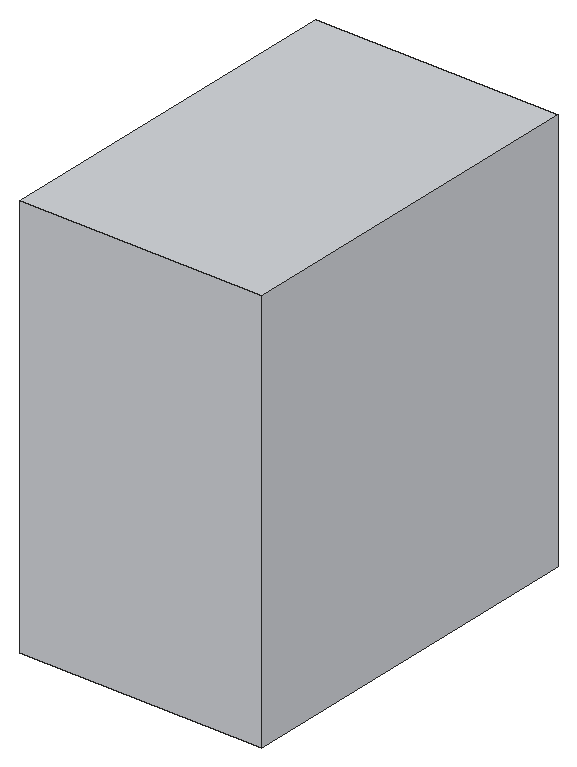
Revit family
Parameters
  Warranty Duration (Years) = 0
  Unit Width [instance] = 1' - 1"
  Unit Height [instance] = 4' - 7"
  Unit Depth = 0' - 0 1/2"
  URL = "http://www.americanspecialties.com/viewCategories.cfm"
  Trim Material = Metal - Stainless Steel
  Test Data = ""
  Specification = "http://www.arcat.com/sdspecs/htm/10810asi.htm"
  SpecWizard = ""
  Send Message = "http://www.arcat.com/users.pl?action=UserEmail&company=American%20Specialties,%20Inc.&coid=30448&rep=139&fax=914-476-0688&mf="
  Sales Information = "http://www.americanspecialties.com/contact"
  Revision = "R1_10-2010"
  Product Properties = "http://www.americanspecialties.com/datasheets/64676-2.pdf"
  Product Data = "http://www.arcat.com/arcatcos/cos30/arc30448.html"
  Model = "As Specified in 10 28 13"
  Manufacturer Website = "http://www.americanspecialties.com/viewCategories.cfm"
  Manufacturer Phone - Toll Free = ""
  Manufacturer Phone = "914-476-9000 "
  Manufacturer Fax = "914-476-0688"
  Manufacturer Address = "441 Saw Mill River Rd., Yonkers, NY 10701"
  Manufacturer = "American Specialties, Inc."
  Maintenance Schedule (Months) = 0
  Keynote = "10 28 13"
  Installation-Fabrication = "http://www.americanspecialties.com/products.cfm"
  Green Building-LEED = ""
  Expected Lifespan (Years) = 0
  Drawn By = "Robert S. Weygant. CSI, CDT, SCIP"  # constant formula
  Description = "Toilet Accessory as Specified in 10 28 13"
  Default Elevation = 4' - 0"
  Copyright = "©Arcat Inc."
  Construction Details = "http://www.arcat.com/green/clients/leed_data_30448.html"
  Building Codes = "http://www.americanspecialties.com/products.cfm"
  Body Material = Metal - Stainless Steel
  Assembly Code = "C1030210"
Reference planes (in)
  plane 1 "Center (Front/Back)": y = -0.29112
  plane 2 "Floor Line": z = 0
  plane 3 "Center (Left/Right)": x = -0.65843
Forms (in)
  Extrusion 1, solid
    sketch origin (-3, -9, -6) x (0, 0, -1) y (1, 0, 0)
      loop
        line (-82, 26) -> (-82, -19.34712) -> (-6, -19.34712) -> (-6, 26) -> (-82, 26)
    from 28.29112 to -41.06337
  Extrusion 2, solid, material "Metal - Stainless Steel" <- "Body Material"
    sketch origin (0, 0, 2) x (1, 0, 0) y (0, 1, 0)
      loop
        line (-6.15843, 26.20888) -> (-6.15843, -26.79112) -> (4.84157, -26.79112) -> (4.84157, 26.20888) -> (-6.15843, 26.20888)
    from 0 to -6
  Extrusion 3, solid, material "Metal - Stainless Steel" <- "Body Material"
    sketch origin (-0.90625, -0.29112, 2) x (1, 0, 0) y (0, 0, 1)
      loop
        line (-6.25218, 0) -> (6.74782, 0) -> (6.74782, 0.5) -> (-6.25218, 0.5) -> (-6.25218, 0)
    from -27.5 to 27.5
  Extrusion 4, void
    sketch origin (-0.65843, 6.5, 2) x (0, 1, 0) y (0, 0, 1)
      loop
        line (-0.26081, -5.75) -> (2.70888, 0) -> (2.70888, 0.9375) -> (-8.29112, 0.9375) -> (-8.29112, -0.03125) -> (-5.37727, -5.75) -> (-0.26081, -5.75)
    from -5.46875 to 5.46875
  Extrusion 5, void
    sketch origin (-34, 0.66502, 4.66501) x (1, 0, 0) y (0, 0.458881, 0.888498)
      loop
        arc (36.97904, -1.93126) -> (37.16013, -1.67833) -> (36.96657, -1.43482) r 0.2582
        line (36.96657, -1.43482) -> (36.21657, -1.43482)
        arc (36.21657, -1.43482) -> (33.34157, -0.76381) -> (30.46657, -1.43482) r 6.49463
        line (30.46657, -1.43482) -> (29.71657, -1.43482)
        arc (29.71657, -1.43482) -> (29.523, -1.67833) -> (29.70409, -1.93126) r 0.2582
        line (29.70409, -1.93126) -> (30.47904, -1.93126)
        arc (30.47904, -1.93126) -> (33.34157, -2.19871) -> (36.20409, -1.93126) r 15.45277
        line (36.20409, -1.93126) -> (36.97904, -1.93126)
    from -8.81412 to -9.06412
  Extrusion 6, solid, material "Metal - Stainless Steel" <- "Trim Material"
    sketch origin (0, 0, 1.5625) x (1, 0, 0) y (0, 1, 0)
      loop
        circle (-5.15843, -18.79112) r 0.5
      loop
        line (-5.21525, -18.37247) -> (-5.21525, -19.22198) -> (-5.10162, -19.22198) -> (-5.10162, -18.37247) -> (-5.21525, -18.37247)
      loop
        circle (-5.15843, 18.20888) r 0.5
      loop
        line (-5.21525, 17.79024) -> (-5.10162, 17.79024) -> (-5.10162, 18.63975) -> (-5.21525, 18.63975) -> (-5.21525, 17.79024)
    from 0.9375 to 1
  Extrusion 7, solid, material "Metal - Stainless Steel" <- "Body Material"
    sketch origin (0, 0, 0) x (1, 0, 0) y (0, 1, 0)
      loop
        line (-7.15843, 27.20888) -> (-7.15843, -27.79112) -> (5.84157, -27.79112) -> (5.84157, 27.20888) -> (-7.15843, 27.20888)
      loop
        line (-6.15843, 26.20888) -> (-6.15843, -26.79112) -> (4.84157, -26.79112) -> (4.84157, 26.20888) -> (-6.15843, 26.20888)
    from 0 to 2
  Extrusion 8, void
    sketch origin (0, 0, 0) x (1, 0, 0) y (0, 1, 0)
      loop
        line (-6.15843, 26.20888) -> (-6.15843, -26.79112) -> (4.84157, -26.79112) -> (4.84157, 26.20888) -> (-6.15843, 26.20888)
    from 0 to -4
Cuts and joins
  Extrusion 4, Extrusion 5 cuts Extrusion 2
  Extrusion 4 cuts Extrusion 3
  Extrusion 4 cuts Extrusion 6
  Extrusion 4 cuts Extrusion 7
Dimensions and locks (in)
  Extrusion 3 sketch curve to Extrusion 3 sketch curve = 1' - 1"
  Extrusion 3 sketch curve to Extrusion 3 sketch curve = 0' - 0 1/2"
  aligned and locked: Extrusion 1 to level
  aligned and locked: Extrusion 7 to cut or joined group of Extrusion 2, Extrusion 4, Extrusion 5
